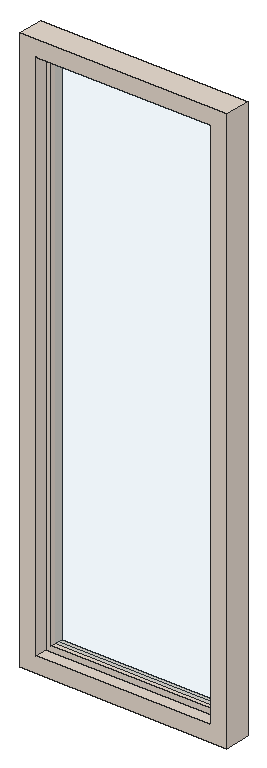
Revit family
Parameters (values of type "단창(1개창)800")
  유리 = 유리
  문틀두께 [instance] = 100 mm
  문틀 [instance] = 문틀
  Height = 2200 mm
  Default Sill Height = 500 mm
  Wall Closure = (empty or 0)
  Width = 800 mm
  Assembly Code = ""
Types (2, lengths in mm): name | Height | Width
  단창(1개창)800 | 2200 | 800
  단창(1개창) 900X1210 | 1210 | 900
Reference planes
  plane 1 "Center (Front/Back)": y = 0
  plane 2 "Center (Left/Right)": x = 0
  plane 3 "Left": x = -400
  plane 4 "Right": x = 400
  plane 5 "Sill": z = 500
  plane 6 "Head": z = 2700
  plane 7 "Exterior": y = 100
  plane 8 "Interior": y = -100
Forms (mm)
  Sweep 1, solid, material "문틀" <- "문틀"
    path origin (0, 100, 0) x (1, 0, 0) y (0, 0, 1)
      loop
        line (400, 2700) -> (-400, 2700) -> (-400, 500) -> (400, 500) -> (400, 2700)
    profile origin (0, 100, 2700) x (0, 0, -1) y (0, -1, 0)
      loop
        line (0, 100) -> (0, 0) -> (30, 0) -> (30, 50) -> (60, 50) -> (60, 100) -> (0, 100)
  Extrusion 2, solid, material "문틀" <- "문틀"
    sketch origin (0, 100, 0) x (1, 0, 0) y (0, 0, 1)
      loop
        line (370, 2670) -> (-370, 2670) -> (-370, 530) -> (370, 530) -> (370, 2670)
      loop
        line (320, 2620) -> (-320, 2620) -> (-320, 580) -> (320, 580) -> (320, 2620)
    from 0 to 50
  Extrusion 3, solid, material "유리" <- "유리"
    sketch origin (0, 100, 0) x (1, 0, 0) y (0, 0, 1)
      loop
        line (320, 2620) -> (-320, 2620) -> (-320, 580) -> (320, 580) -> (320, 2620)
    from 16.667 to 33.333
Lines and regions (mm)
  Opening 1
    outline origin (3500, -100, 0) x (1, 0, 0) y (0, 0, 1)
      loop
        line (-3100, 500) -> (-3100, 2700) -> (-3900, 2700) -> (-3900, 500) -> (-3100, 500)
Text (mm)
  text "EXTERIOR" at (-1963.203, 1332.353, 0), in view "Ref. Level"
  text "INTERIOR" at (-1981.466, -818.386, 0), in view "Ref. Level"
  text "Exterior" at (0, 923.751, 2943.296), in view "Right"
  text "Exterior" at (0, 1040.484, 2685.409), in view "Left"
Dimensions and locks
  equal spacing: plane 3 "Left", plane 2 "Center (Left/Right)", plane 4 "Right"
  "Width": plane 3 "Left" to plane 4 "Right"
  "Height": plane 5 "Sill" to plane 6 "Head"
  "Default Sill Height": plane 5 "Sill" to level
  locked: plane 7 "Exterior" to host wall at 0
  locked: plane 8 "Interior" to host wall
  equal spacing: Sweep 1 sketch curve, Sweep 1 sketch curve, Sweep 1 sketch curve  (x2)
  "문틀두께": Sweep 1 sketch curve to Sweep 1 sketch curve
  equal spacing: Extrusion 2, Extrusion 3, Extrusion 3, Sweep 1
  aligned and locked: host wall to Sweep 1 sketch curve
  aligned and locked: Sweep 1 sketch curve to host wall  (x3)
  aligned and locked: Sweep 1 to Extrusion 2 sketch curve
  aligned and locked: Extrusion 2 sketch curve to Sweep 1  (x3)
  aligned and locked: Extrusion 2 to Extrusion 3 sketch curve
  aligned and locked: Extrusion 3 sketch curve to Extrusion 2  (x3)
  aligned and locked: Extrusion 2 to Sweep 1
  aligned and locked: host wall to Extrusion 2
Automatic sketch dimensions
  Opening 1 sketch curve to plane 3 "Left" = 0 mm
  Opening 1 sketch curve to plane 4 "Right" = 0 mm
  Opening 1 sketch curve to plane 5 "Sill" = 0 mm
  Opening 1 sketch curve to plane 6 "Head" = 0 mm
  Sweep 1 sketch curve to profile plane = 0 mm
  Sweep 1 sketch curve to plane 7 "Exterior" = 0 mm
  Sweep 1 sketch curve to profile plane = 30 mm
  Extrusion 2 sketch curve to Extrusion 2 sketch curve = 50 mm  (x4)
